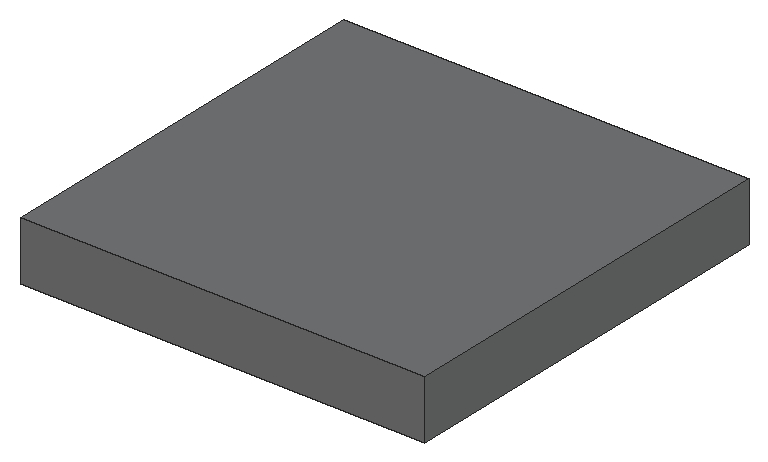
Revit family "Gira_536126", category Electrical Fixtures, host Face, Revit 2017
Family settings
  Host = Face
  Maintain Annotation Orientation = No
  Round Connector Dimension = Use Diameter
  Part Type = Normal
  Cut with Voids When Loaded = No
  Shared = No
  Room Calculation Point = No
Parameters (values of type "S3000 op.top arrow symbols System 55 c.alum.")
  With LED indication = "No"
  URL = "http://katalog.gira.de/en/datenblatt.html?artikelnr=536126"
  Transparent = "No"
  Suitable for application with venetian shutter switch = "Yes"
  Suitable for application with switch = "No"
  Suitable for application with dimmer = "No"
  Number of actuation points = "2"
  Name = "S3000 op.top arrow symbols System 55 c.alum."
  Manufacturer URL = "https://www.gira.de/"
  Manufacturer = "Gira"
  Keynote = ""
  HeinzeBIM = "https://bimportal.heinze.de/bim/s3000-op-top-arrow-symbols-system-55-c-alum-/811dd27797f77403f4b3f1e894294dfb6733646e"
  HAN = "536126"
  GTIN = "4010337027294"
  Description = "S3000 op.top arrows Sys55 CAl,System 3000 operating top unit arrow symbols,,colour aluminium,"
  Default Elevation = 1219.2 mm
  Data sheet (1) = "https://katalog.gira.de/en/download.html?artikelnr=536126"
  Category = "Intelligent control element"
  BIM (1) = "https://media.stage.bim.site/public/gira/36a6b08/Sys55_Abdeckung_Schalten und Tasten.rfa?public/gira/36a6b08/Sys55_Abdeckung_Schalten und Tasten.rfa"
  Available = "No"
  Application = "Control of electrical users"
  Anthrazit [instance] = Anthrazit
Reference planes
  plane 1 "Center (Front/Back)": y = 0
  plane 2: z = 0
  plane 3 "Center (Left/Right)": x = 0
Forms (mm)
  Extrusion 1, solid, material "Anthrazit" <- "Anthrazit", detail levels fine
    sketch origin (0, 0, 0) x (1, 0, 0) y (0, 1, 0)
      loop
        line (-27.5, 27.5) -> (-27.5, -27.5) -> (27.5, -27.5) -> (27.5, 27.5) -> (-27.5, 27.5)
    from 0 to 8
  Extrusion 2, void
    sketch origin (0, 0, 0) x (1, 0, 0) y (0, 1, 0)
      loop
        line (26, 26) -> (-26, 26) -> (-26, -26) -> (26, -26) -> (26, 26)
    from 0 to 6
  Extrusion 3, solid, material "Anthrazit" <- "Anthrazit", detail levels medium
    sketch origin (0, 0, 0) x (1, 0, 0) y (0, 1, 0)
      loop
        line (-27.5, 27.5) -> (-27.5, -27.5) -> (27.5, -27.5) -> (27.5, 27.5) -> (-27.5, 27.5)
    from 0 to 8
  Extrusion 4, solid, material "Anthrazit" <- "Anthrazit", detail levels medium
    sketch origin (0, 0, 0) x (1, 0, 0) y (0, 1, 0)
      loop
        line (11, -17.5) -> (11, 17.5) -> (-11, 17.5) -> (-11, -17.5) -> (11, -17.5)
    from -6 to 6
  Extrusion 5, solid, material "Anthrazit" <- "Anthrazit", detail levels fine
    sketch origin (0, 0, 0) x (1, 0, 0) y (0, 1, 0)
      loop
        line (11, 17.5) -> (-11, 17.5) -> (-11, 16.5) -> (11, 16.5) -> (11, 17.5)
      loop
        line (-11, -16.5) -> (-11, -17.5) -> (11, -17.5) -> (11, -16.5) -> (-11, -16.5)
    from -4 to 6
  Extrusion 6, solid, material "Anthrazit" <- "Anthrazit", detail levels fine
    sketch origin (0, 0, 0) x (1, 0, 0) y (0, 1, 0)
      loop
        arc (5, 9.347) -> (0, 10.6) -> (-5, 9.347) r 10.6
        line (-5, 9.347) -> (-5, -9.347)
        arc (-5, -9.347) -> (0, -10.6) -> (5, -9.347) r 10.6
        line (5, -9.347) -> (5, 9.347)
    from -6 to 6
  Extrusion 7, solid, material "Anthrazit" <- "Anthrazit", detail levels coarse
    sketch origin (0, 0, 0) x (1, 0, 0) y (0, 1, 0)
      loop
        line (-27.5, 27.5) -> (-27.5, -27.5) -> (27.5, -27.5) -> (27.5, 27.5) -> (-27.5, 27.5)
    from -6 to 8
Cuts and joins
  Extrusion 2 cuts Extrusion 1
Dimensions and locks
  aligned and locked: plane 2 to host face
  aligned and locked: level to host face
